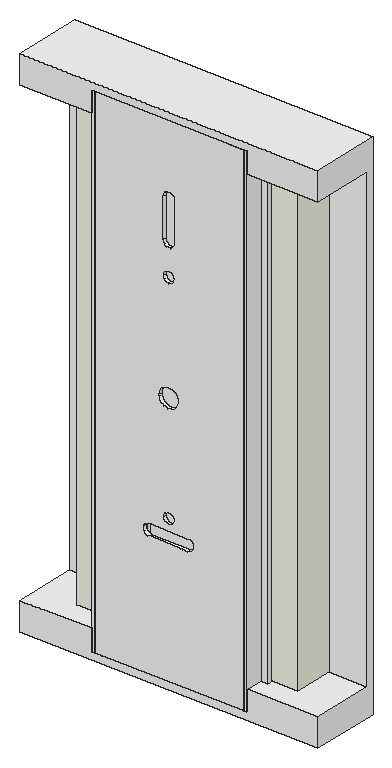
Revit family "STH21740BR_27_PTO_27_STH21740BR_30_PTO_30", category Luminárias, Revit 2023
Family settings
  Hospedeiro = Parede
  Cota do conector redondo = Utilizar diâmetro
  Tipo de parte = Normal
  Número OmniClass = 23.80.70.00
  Título OmniClass = Lighting
  Sempre na vertical = Sim
  Corte com vazios quando carregada = Não
  Fonte luminosa = Sim
  Manter orientação da anotação = Não
  Compartilhado = Não
  Ponto de cálculo do ambiente = Não
Parameters (values of type "STH21740BR/27 - BRANCO - BIVOLT - 2700K - 450lm")
  Ângulo de Abertura = "110°/110°"
  Wattage = 10.0982 W
  URL = "https://stella.com.br/"
  Troca de temperatura da cor de lâmpada com esmaecimento = <Nenhum>
  Tensão Elétrica = "100V-240V"
  built-in parameter 1150107 = 2700 (stored number, unit not read)
  Temperatura da cor (K) = 2700 K
  Tamanho do símbolo da fonte luminosa = 0.6096 m
  Referência = "STH21740BR/27"
  Profundidade = 0.027 m
  Potência = 6 W
  built-in parameter 1150110 = 1 (stored number, unit not read)
  built-in parameter 1150109 = 1 (stored number, unit not read)
  built-in parameter 1114218 = 1 (stored number, unit not read)
  built-in parameter 1150112 = 1 (stored number, unit not read)
  built-in parameter 1150113 = 1 (stored number, unit not read)
  built-in parameter 1150132 = 2
  built-in parameter 1150137 = (empty or 0)
  Modelo = "Reflex"
  built-in parameter 1150106 = 4.7746 (stored number, unit not read)
  built-in parameter 1150102 = (empty or 0)
  built-in parameter 1150105 = 477.46 (stored number, unit not read)
  IRC (Índice de reprodução de cores) = ">80"
  Grau de proteção (IP) = "IP65"
  Fluxo Luminoso_STH21740_3000K = no
  Fluxo Luminoso_STH21740_2700K = yes
  Color Filter = 16777215
  built-in parameter 1114217 = 1 (stored number, unit not read)
  built-in parameter 1150139 = (empty or 0)
  Estrutura = Al Branco
  Luminoso = Luminoso - 2700K
  Largura = 0.115 m
  Fluxo Luminoso = 450 lm
  Fabricante = "Stella"
  Emitir do comprimento da linha = 0.6096 m
  Default Elevation = 0.00 m
  built-in parameter 1150104 = 13.8 (stored number, unit not read)
  Dimerização = "Não dimerizável"
  built-in parameter 1150115 = 1 (stored number, unit not read)
  built-in parameter 1150114 = 1 (stored number, unit not read)
  Lumens = 1500 lm
  built-in parameter 1150138 = (empty or 0)
  built-in parameter 1150134 = (empty or 0)
  Comprimento = 0.20 m
  built-in parameter 1150133 = 10 (stored number, unit not read)
Types (5, lengths in m): name | built-in parameter 1150107 | Temperatura da cor (K) | Referência | Fluxo Luminoso_STH21740_3000K | Fluxo Luminoso_STH21740_2700K | Estrutura | Luminoso | Fluxo Luminoso
  (no name) | 2700 (stored number, unit not read) | 2700 K | "STH21740BR/27" | no | yes | Al Branco | Luminoso - 2700K | 450 lm
  STH21740BR/27 - BRANCO - BIVOLT - 2700K - 450lm | 2700 (stored number, unit not read) | 2700 K | "STH21740BR/27" | no | yes | Al Branco | Luminoso - 2700K | 450 lm
  STH21740BR/30 - BRANCO - BIVOLT - 3000K - 500lm | 3000 (stored number, unit not read) | 3000 K | "STH21740BR/30" | yes | no | Al Branco | Luminoso - 3000K | 500 lm
  STH21740PTO/27 - PRETO - BIVOLT - 2700K - 350lm | 2700 (stored number, unit not read) | 2700 K | "STH21740PTO/27" | no | yes | Al - Preto | Luminoso - 2700K | 350 lm
  STH21740PTO/30 - PRETO - BIVOLT - 3000K - 400lm | 3000 (stored number, unit not read) | 3000 K | "STH21740PTO/30" | yes | no | Al - Preto | Luminoso - 3000K | 400 lm
Reference planes (m)
  plane 1: y = 0
  plane 2 "Eixo de origem da luz (F/T)": y = 0.012631
  plane 3 "Eixo de origem da luz (E/D)": x = -0.036356
  plane 4 "Elevação da origem da luz": z = 1
  plane 5: x = -0.093856
  plane 6: x = 0.021144
  plane 7: y = 0.027
  plane 8: z = 0.9
  plane 9: z = 1.1
Forms (m)
  Extrusion 1, solid, material "Al Branco" <- "Estrutura"
    sketch origin (0, 0, 1) x (0, 1, 0) y (-1, 0, 0)
      loop
        line (0.0012, 0.065156) -> (0, 0.065156) -> (0, 0.007556) -> (0.0012, 0.007556) -> (0.0012, 0.008556) -> (0.0075, 0.008556) -> (0.0108, 0.00993) -> (0.0115, 0.008556) -> (0.013612, 0.009679) -> (0.013142, 0.010562) -> (0.012176, 0.010048) -> (0.010989, 0.011235) -> (0.007858, 0.00993) -> (0.00705, 0.00993) -> (0.0012, 0.012696) -> (0.0012, 0.060015) -> (0.00705, 0.062781) -> (0.007858, 0.062781) -> (0.010989, 0.061476) -> (0.012176, 0.062663) -> (0.013142, 0.062149) -> (0.013612, 0.063032) -> (0.0115, 0.064156) -> (0.0108, 0.062781) -> (0.0075, 0.064156) -> (0.0012, 0.064156) -> (0.0012, 0.065156)
      loop
        line (0.0012, 0.060652) -> (0.005513, 0.062781) -> (0.0012, 0.062781) -> (0.0012, 0.060652)
      loop
        line (0.0012, 0.01206) -> (0.0012, 0.00993) -> (0.005513, 0.00993) -> (0.0012, 0.01206)
    from -0.0972 to 0.09715
  Extrusion 2, solid, material "Al Branco" <- "Estrutura"
    sketch origin (0, 0, 1) x (0, 1, 0) y (-1, 0, 0)
      loop
        line (0.0238, 0.093856) -> (0.0238, -0.021144) -> (0.0263, -0.021144) -> (0.0263, 0.093856) -> (0.0238, 0.093856)
    from -0.1 to 0.1
  Extrusion 3, solid, material "Luminoso - 2700K" <- "Luminoso"
    sketch origin (0, 0, 1) x (0, 1, 0) y (-1, 0, 0)
      loop
        line (0.0088, -0.006144) -> (0.0238, -0.006144) -> (0.0238, 0.006356) -> (0.0088, 0.006356) -> (0.0088, -0.006144)
      loop
        line (0.0231, 0.005656) -> (0.0095, 0.005656) -> (0.0095, -0.005444) -> (0.0231, -0.005444) -> (0.0231, 0.005656)
    from -0.0892 to 0.089192
  Extrusion 4, solid, material "Luminoso - 2700K" <- "Luminoso"
    sketch origin (-0.072711, 0, 1) x (0, -1, 0) y (1, 0, 0)
      loop
        line (-0.0088, -0.006144) -> (-0.0088, 0.006356) -> (-0.0238, 0.006356) -> (-0.0238, -0.006144) -> (-0.0088, -0.006144)
      loop
        line (-0.0231, 0.005656) -> (-0.0231, -0.005444) -> (-0.0095, -0.005444) -> (-0.0095, 0.005656) -> (-0.0231, 0.005656)
    from -0.0892 to 0.089192
  Extrusion 5, solid, material "Al Branco" <- "Estrutura"
    sketch origin (-0.036356, 0, 0) x (0, -1, 0) y (0, 0, 1)
      loop
        line (-0.0263, 1.1) -> (-0.0263, 1.089192) -> (0, 1.089192) -> (0, 1.1) -> (-0.0263, 1.1)
    from -0.0575 to 0.0575
  Extrusion 6, solid, material "Al Branco" <- "Estrutura"
    sketch origin (0, 0, 1) x (0, 1, 0) y (-1, 0, 0)
      loop
        line (0.008, 0.006356) -> (0.0238, 0.006356) -> (0.0238, 0.008556) -> (0.0193, 0.008556) -> (0.0193, 0.013556) -> (0.0183, 0.013556) -> (0.0183, 0.008556) -> (0.0115, 0.008556) -> (0.0108, 0.00993) -> (0.0075, 0.008556) -> (0.0012, 0.008556) -> (0.0012, 0.007556) -> (0, 0.007556) -> (0, 0.006356) -> (0.0067, 0.006356) -> (0.0067, 0.003556) -> (0.008, 0.003556) -> (0.008, 0.004356) -> (0.0088, 0.004356) -> (0.0088, 0.005356) -> (0.008, 0.005356) -> (0.008, 0.006356)
      loop
        line (0.008, 0.066356) -> (0.008, 0.067356) -> (0.0088, 0.067356) -> (0.0088, 0.068356) -> (0.008, 0.068356) -> (0.008, 0.069156) -> (0.0067, 0.069156) -> (0.0067, 0.066356) -> (0, 0.066356) -> (0, 0.065156) -> (0.0012, 0.065156) -> (0.0012, 0.064156) -> (0.0075, 0.064156) -> (0.0108, 0.062781) -> (0.0115, 0.064156) -> (0.0183, 0.064156) -> (0.0183, 0.059156) -> (0.0193, 0.059156) -> (0.0193, 0.064156) -> (0.0238, 0.064156) -> (0.0238, 0.066356) -> (0.008, 0.066356)
    from -0.0972 to 0.09715
  Extrusion 7, void
    sketch origin (0, 0, 1) x (0, 1, 0) y (-1, 0, 0)
      loop
        line (0, 0.066356) -> (0, 0.006356) -> (0.013612, 0.006356) -> (0.013612, 0.066356) -> (0, 0.066356)
    from 0.089192 to 0.09715
  Extrusion 8, solid, material "Al Branco" <- "Estrutura"
    sketch origin (-0.036356, 0, 2) x (0, -1, 0) y (0, 0, 1)
      loop
        line (-0.0263, -1.1) -> (0, -1.1) -> (0, -1.0892) -> (-0.0263, -1.0892) -> (-0.0263, -1.1)
    from -0.0575 to 0.0575
  Extrusion 9, void
    sketch origin (0, 0, 1) x (0, 1, 0) y (-1, 0, 0)
      loop
        line (0, 0.066356) -> (0, 0.006356) -> (0.013612, 0.006356) -> (0.013612, 0.066356) -> (0, 0.066356)
    from -0.0972 to -0.0892
  Extrusion 10, void
    sketch origin (0, 0, 1) x (0, 1, 0) y (-1, 0, 0)
      loop
        line (0.008, 0.006356) -> (0.0243, 0.006356) -> (0.0243, 0.008556) -> (0.0193, 0.008556) -> (0.0193, 0.013556) -> (0.0183, 0.013556) -> (0.0183, 0.008556) -> (0.0115, 0.008556) -> (0.0108, 0.00993) -> (0.0075, 0.008556) -> (0.0012, 0.008556) -> (0.0012, 0.007556) -> (0, 0.007556) -> (0, 0.006356) -> (0.0067, 0.006356) -> (0.0067, 0.003556) -> (0.008, 0.003556) -> (0.008, 0.004356) -> (0.0088, 0.004356) -> (0.0088, 0.005356) -> (0.008, 0.005356) -> (0.008, 0.006356)
      loop
        line (0.008, 0.066356) -> (0.008, 0.067356) -> (0.0088, 0.067356) -> (0.0088, 0.068356) -> (0.008, 0.068356) -> (0.008, 0.069156) -> (0.0067, 0.069156) -> (0.0067, 0.066356) -> (0, 0.066356) -> (0, 0.065156) -> (0.0012, 0.065156) -> (0.0012, 0.064156) -> (0.0075, 0.064156) -> (0.0108, 0.062781) -> (0.0115, 0.064156) -> (0.0183, 0.064156) -> (0.0183, 0.059156) -> (0.0193, 0.059156) -> (0.0193, 0.064156) -> (0.0243, 0.064156) -> (0.0243, 0.066356) -> (0.008, 0.066356)
    from 0.089192 to 0.09715
  Extrusion 11, void
    sketch origin (0, 0, 1) x (0, 1, 0) y (-1, 0, 0)
      loop
        line (0.008, 0.006356) -> (0.0243, 0.006356) -> (0.0243, 0.008556) -> (0.0193, 0.008556) -> (0.0193, 0.013556) -> (0.0183, 0.013556) -> (0.0183, 0.008556) -> (0.0115, 0.008556) -> (0.0108, 0.00993) -> (0.0075, 0.008556) -> (0.0012, 0.008556) -> (0.0012, 0.007556) -> (0, 0.007556) -> (0, 0.006356) -> (0.0067, 0.006356) -> (0.0067, 0.003556) -> (0.008, 0.003556) -> (0.008, 0.004356) -> (0.0088, 0.004356) -> (0.0088, 0.005356) -> (0.008, 0.005356) -> (0.008, 0.006356)
      loop
        line (0.008, 0.066356) -> (0.008, 0.067356) -> (0.0088, 0.067356) -> (0.0088, 0.068356) -> (0.008, 0.068356) -> (0.008, 0.069156) -> (0.0067, 0.069156) -> (0.0067, 0.066356) -> (0, 0.066356) -> (0, 0.065156) -> (0.0012, 0.065156) -> (0.0012, 0.064156) -> (0.0075, 0.064156) -> (0.0108, 0.062781) -> (0.0115, 0.064156) -> (0.0183, 0.064156) -> (0.0183, 0.059156) -> (0.0193, 0.059156) -> (0.0193, 0.064156) -> (0.0243, 0.064156) -> (0.0243, 0.066356) -> (0.008, 0.066356)
    from -0.0972 to -0.0892
  Extrusion 12, void
    sketch origin (0, 0.012631, 0) x (1, 0, 0) y (0, 0, 1)
      loop
        line (-0.034206, 1.4652) -> (-0.034206, 1.4802)
        arc (-0.034206, 1.4802) -> (-0.036456, 1.48245) -> (-0.038706, 1.4802) r 0.00225
        line (-0.038706, 1.4802) -> (-0.038706, 1.4652)
        arc (-0.038706, 1.4652) -> (-0.036456, 1.46295) -> (-0.034206, 1.4652) r 0.00225
      loop
        arc (-0.043956, 0.95505) -> (-0.046206, 0.9528) -> (-0.043956, 0.95055) r 0.00225
        line (-0.043956, 0.95055) -> (-0.028956, 0.95055)
        arc (-0.028956, 0.95055) -> (-0.026706, 0.9528) -> (-0.028956, 0.95505) r 0.00225
        line (-0.028956, 0.95505) -> (-0.043956, 0.95505)
      loop
        circle (-0.036432, 1.000977) r 0.003752
      loop
        circle (-0.036418, 1.042744) r 0.002101
      loop
        circle (-0.036339, 0.959258) r 0.002101
      loop
        arc (-0.038606, 1.0552) -> (-0.036356, 1.05295) -> (-0.034106, 1.0552) r 0.00225
        line (-0.034106, 1.0552) -> (-0.034106, 1.0702)
        arc (-0.034106, 1.0702) -> (-0.036356, 1.07245) -> (-0.038606, 1.0702) r 0.00225
        line (-0.038606, 1.0702) -> (-0.038606, 1.0552)
    from 0.011431 to 0.012631
Cuts and joins
  Extrusion 9, Extrusion 10, Extrusion 11 cuts Extrusion 2
  Extrusion 7, Extrusion 9, Extrusion 10, Extrusion 11 cuts Extrusion 5
  Extrusion 9, Extrusion 10, Extrusion 11 cuts Extrusion 8
  joined: Extrusion 2, Extrusion 5, Extrusion 8
  Extrusion 11, Extrusion 12 cuts Extrusion 1
  Extrusion 10 cuts Extrusion 3
  Extrusion 10 cuts Extrusion 4
  Extrusion 12 cuts Extrusion 6
Text (m)
  text "Lado da colocação" at (0, 1.019848, 2.973606), in view "Direita"
  text "Lado da colocação" at (-0.613675, 0.577841, 0), in view "Nível de referência"
  text "Lado da colocação" at (0, 1.206291, 3.020473), in view "Esquerda"
Dimensions and locks (m)
  "Largura": plane 5 to plane 6
  "Profundidade": plane 7 to plane 1
  "Comprimento": plane 8 to plane 9
Automatic sketch dimensions
  Extrusion 1 sketch curve to host wall = 0.00 m
  host wall to Extrusion 1 sketch curve = 0.0012 m  (x5)
  Extrusion 1 sketch curve to Extrusion 1 sketch curve = 0.004313 m  (x2)
  Extrusion 1 sketch curve to Extrusion 1 sketch curve = 0.001537 m  (x2)
  Extrusion 1 sketch curve to Extrusion 1 sketch curve = 0.00045 m  (x2)
  Extrusion 1 sketch curve to Extrusion 1 sketch curve = 0.000808 m  (x2)
  plane 2 "Eixo de origem da luz (F/T)" to Extrusion 1 sketch curve = 0.001831 m  (x2)
  Extrusion 1 sketch curve to Extrusion 1 sketch curve = 0.000189 m  (x2)
  plane 2 "Eixo de origem da luz (F/T)" to Extrusion 1 sketch curve = 0.001131 m  (x2)
  plane 2 "Eixo de origem da luz (F/T)" to Extrusion 1 sketch curve = 0.000455 m  (x2)
  Extrusion 1 sketch curve to plane 2 "Eixo de origem da luz (F/T)" = 0.000511 m  (x2)
  Extrusion 1 sketch curve to plane 2 "Eixo de origem da luz (F/T)" = 0.000981 m  (x2)
  Extrusion 1 sketch curve to plane 6 = 0.0287 m
  Extrusion 1 sketch curve to Extrusion 1 sketch curve = 0.001 m  (x2)
  Extrusion 1 sketch curve to Extrusion 1 sketch curve = 0.00 m  (x2)
  Extrusion 1 sketch curve to Extrusion 1 sketch curve = 0.001124 m
  Extrusion 1 sketch curve to Extrusion 1 sketch curve = 0.001375 m  (x3)
  Extrusion 1 sketch curve to Extrusion 1 sketch curve = 0.000118 m
  Extrusion 1 sketch curve to Extrusion 1 sketch curve = 0.001305 m  (x3)
  Extrusion 1 sketch curve to Extrusion 1 sketch curve = 0.002129 m
  Extrusion 1 sketch curve to Extrusion 1 sketch curve = 0.000637 m  (x2)
  plane 3 "Eixo de origem da luz (E/D)" to Extrusion 1 sketch curve = 0.023659 m
  Extrusion 1 sketch curve to Extrusion 1 sketch curve = 0.000825 m
  Extrusion 1 sketch curve to Extrusion 1 sketch curve = 0.000673 m
  Extrusion 1 sketch curve to Extrusion 1 sketch curve = 0.000514 m
  Extrusion 2 sketch curve to plane 6 = 0.00 m
  Extrusion 2 sketch curve to plane 5 = 0.00 m
  Extrusion 2 sketch curve to plane 7 = 0.0032 m
  Extrusion 2 sketch curve to plane 7 = 0.0007 m
  plane 2 "Eixo de origem da luz (F/T)" to Extrusion 3 sketch curve = 0.003831 m
  Extrusion 3 sketch curve to Extrusion 3 sketch curve = 0.0007 m  (x4)
  Extrusion 3 sketch curve to plane 7 = 0.0039 m
  Extrusion 3 sketch curve to plane 6 = 0.015 m
  Extrusion 3 sketch curve to Extrusion 3 sketch curve = 0.0111 m
  Extrusion 4 sketch curve to plane 7 = 0.0032 m
  Extrusion 4 sketch curve to Extrusion 4 sketch curve = 0.0007 m  (x4)
  plane 2 "Eixo de origem da luz (F/T)" to Extrusion 4 sketch curve = 0.003131 m
  plane 5 to Extrusion 4 sketch curve = 0.015 m
  Extrusion 4 sketch curve to Extrusion 4 sketch curve = 0.0111 m
  Extrusion 5 sketch curve to host wall = 0.00 m
  Extrusion 5 sketch curve to plane 7 = 0.0007 m
  Extrusion 6 sketch curve to host wall = 0.00 m  (x2)
  Extrusion 6 sketch curve to Extrusion 6 sketch curve = 0.0012 m  (x3)
  host wall to Extrusion 6 sketch curve = 0.0012 m
  Extrusion 6 sketch curve to Extrusion 6 sketch curve = 0.0055 m  (x2)
  Extrusion 6 sketch curve to Extrusion 6 sketch curve = 0.0008 m  (x6)
  Extrusion 6 sketch curve to Extrusion 6 sketch curve = 0.0013 m  (x3)
  Extrusion 6 sketch curve to Extrusion 6 sketch curve = 0.00 m  (x3)
  plane 2 "Eixo de origem da luz (F/T)" to Extrusion 6 sketch curve = 0.001831 m  (x2)
  plane 2 "Eixo de origem da luz (F/T)" to Extrusion 6 sketch curve = 0.001131 m  (x2)
  Extrusion 6 sketch curve to plane 2 "Eixo de origem da luz (F/T)" = 0.005669 m  (x2)
  Extrusion 6 sketch curve to Extrusion 6 sketch curve = 0.001 m  (x8)
  Extrusion 6 sketch curve to plane 7 = 0.0032 m  (x2)
  Extrusion 6 sketch curve to plane 6 = 0.0247 m
  Extrusion 6 sketch curve to Extrusion 6 sketch curve = 0.0022 m  (x3)
  Extrusion 6 sketch curve to Extrusion 6 sketch curve = 0.001375 m  (x2)
  Extrusion 6 sketch curve to Extrusion 6 sketch curve = 0.005 m  (x2)
  plane 3 "Eixo de origem da luz (E/D)" to Extrusion 6 sketch curve = 0.0228 m
  Extrusion 6 sketch curve to Extrusion 6 sketch curve = 0.003625 m
  Extrusion 7 sketch curve to host wall = 0.00 m
  Extrusion 7 sketch curve to plane 2 "Eixo de origem da luz (F/T)" = 0.000981 m
  Extrusion 7 sketch curve to plane 6 = 0.0275 m
  plane 5 to Extrusion 7 sketch curve = 0.0275 m
  plane 8 to Extrusion 8 sketch curve = 0.00 m
  Extrusion 8 sketch curve to host wall = 0.00 m
  Extrusion 8 sketch curve to plane 7 = 0.0007 m
  Extrusion 8 sketch curve to plane 8 = 0.0108 m
  Extrusion 9 sketch curve to host wall = 0.00 m
  Extrusion 9 sketch curve to plane 2 "Eixo de origem da luz (F/T)" = 0.000981 m
  Extrusion 9 sketch curve to plane 6 = 0.0275 m
  plane 5 to Extrusion 9 sketch curve = 0.0275 m
  Extrusion 10 sketch curve to host wall = 0.00 m  (x2)
  Extrusion 10 sketch curve to Extrusion 10 sketch curve = 0.0012 m  (x3)
  host wall to Extrusion 10 sketch curve = 0.0012 m
  Extrusion 10 sketch curve to Extrusion 10 sketch curve = 0.0055 m  (x2)
  Extrusion 10 sketch curve to Extrusion 10 sketch curve = 0.0008 m  (x6)
  Extrusion 10 sketch curve to Extrusion 10 sketch curve = 0.0013 m  (x3)
  Extrusion 10 sketch curve to Extrusion 10 sketch curve = 0.00 m  (x3)
  plane 2 "Eixo de origem da luz (F/T)" to Extrusion 10 sketch curve = 0.001831 m  (x2)
  plane 2 "Eixo de origem da luz (F/T)" to Extrusion 10 sketch curve = 0.001131 m  (x2)
  Extrusion 10 sketch curve to plane 2 "Eixo de origem da luz (F/T)" = 0.005669 m  (x2)
  Extrusion 10 sketch curve to Extrusion 10 sketch curve = 0.001 m  (x8)
  Extrusion 10 sketch curve to plane 7 = 0.0027 m  (x2)
  Extrusion 10 sketch curve to plane 6 = 0.0247 m
  Extrusion 10 sketch curve to Extrusion 10 sketch curve = 0.0022 m  (x3)
  Extrusion 10 sketch curve to Extrusion 10 sketch curve = 0.001375 m  (x2)
  Extrusion 10 sketch curve to Extrusion 10 sketch curve = 0.005 m  (x2)
  plane 3 "Eixo de origem da luz (E/D)" to Extrusion 10 sketch curve = 0.0228 m
  Extrusion 10 sketch curve to Extrusion 10 sketch curve = 0.003625 m
  Extrusion 11 sketch curve to host wall = 0.00 m  (x2)
  Extrusion 11 sketch curve to Extrusion 11 sketch curve = 0.0012 m  (x3)
  host wall to Extrusion 11 sketch curve = 0.0012 m
  Extrusion 11 sketch curve to Extrusion 11 sketch curve = 0.0055 m  (x2)
  Extrusion 11 sketch curve to Extrusion 11 sketch curve = 0.0008 m  (x6)
  Extrusion 11 sketch curve to Extrusion 11 sketch curve = 0.0013 m  (x3)
  Extrusion 11 sketch curve to Extrusion 11 sketch curve = 0.00 m  (x3)
  plane 2 "Eixo de origem da luz (F/T)" to Extrusion 11 sketch curve = 0.001831 m  (x2)
  plane 2 "Eixo de origem da luz (F/T)" to Extrusion 11 sketch curve = 0.001131 m  (x2)
  Extrusion 11 sketch curve to plane 2 "Eixo de origem da luz (F/T)" = 0.005669 m  (x2)
  Extrusion 11 sketch curve to Extrusion 11 sketch curve = 0.001 m  (x8)
  Extrusion 11 sketch curve to plane 7 = 0.0027 m  (x2)
  plane 5 to Extrusion 11 sketch curve = 0.0903 m
  Extrusion 11 sketch curve to Extrusion 11 sketch curve = 0.0022 m  (x3)
  Extrusion 11 sketch curve to Extrusion 11 sketch curve = 0.001375 m  (x2)
  Extrusion 11 sketch curve to Extrusion 11 sketch curve = 0.005 m  (x2)
  Extrusion 11 sketch curve to Extrusion 11 sketch curve = 0.0456 m
  Extrusion 11 sketch curve to Extrusion 11 sketch curve = 0.003625 m
  Extrusion 5 sketch curve to plane 4 "Elevação da origem da luz" = 0.089192 m
  Extrusion 5 sketch curve to Extrusion 5 sketch curve = 0.010808 m
  plane 3 "Eixo de origem da luz (E/D)" to Extrusion 12 sketch curve = 0.0076 m
  plane 3 "Eixo de origem da luz (E/D)" to Extrusion 12 sketch curve = 0.00235 m
  plane 3 "Eixo de origem da luz (E/D)" to Extrusion 12 sketch curve = 0.00225 m
  plane 3 "Eixo de origem da luz (E/D)" to Extrusion 12 sketch curve = 0.0001 m
  plane 3 "Eixo de origem da luz (E/D)" to Extrusion 12 sketch curve = 0.000076 m
  plane 3 "Eixo de origem da luz (E/D)" to Extrusion 12 sketch curve = 0.000062 m
  plane 3 "Eixo de origem da luz (E/D)" to Extrusion 12 sketch curve = 0.00 m
  Extrusion 12 sketch curve to plane 3 "Eixo de origem da luz (E/D)" = 0.000016 m
  Extrusion 12 sketch curve to plane 3 "Eixo de origem da luz (E/D)" = 0.0074 m
  plane 4 "Elevação da origem da luz" to Extrusion 12 sketch curve = 0.04945 m
  Extrusion 12 sketch curve to Extrusion 12 sketch curve = 0.00225 m
  Extrusion 12 sketch curve to Extrusion 12 sketch curve = 0.004208 m
  Extrusion 12 sketch curve to plane 4 "Elevação da origem da luz" = 0.000977 m
  Extrusion 12 sketch curve to Extrusion 12 sketch curve = 0.041768 m
  Extrusion 12 sketch curve to Extrusion 12 sketch curve = 0.012456 m
  Extrusion 12 sketch curve to Extrusion 12 sketch curve = 0.015 m  (x2)
  plane 9 to Extrusion 12 sketch curve = 0.3652 m
  radius of Extrusion 12 sketch curve = 0.003752 m
  radius of Extrusion 12 sketch curve = 0.002101 m  (x2)
Nested families (m)
  nested 1: "Fluxo Luminoso_Reflex STHSTH21740_2700K" at (-0.079356, 0.0005, 0.901595) x (-1, 0, 0) z (0, 0, 1), visible <- "Fluxo Luminoso_STH21740_2700K", type "Fluxo Luminoso_Reflex STHSTH21740_2700K"
  nested 2: "Fluxo Luminoso_Reflex STHSTH21740_3000K" at (-0.079356, 0.0005, 0.901595) x (-1, 0, 0) z (0, 0, 1), visible <- "Fluxo Luminoso_STH21740_3000K", type "Fluxo Luminoso_Reflex STHSTH21740_3000K"
Connectors (m)
  electrical at (-0.036356, 0.012631, 1)
    settings: index 1, voltage 0 V, apparent load 0 VA, apparent load phase1 0 VA, apparent load phase2 0 VA, apparent load phase3 0 VA, power factor 1, load classification "Outro", number of poles 1, system type 31, power factor state 1, is connector primary yes, connector utility no, sub classification motor no, connector description ""
Definition of nested family "Fluxo Luminoso_Reflex STHSTH21740_2700K"
  Parameters (values of type "Fluxo Luminoso_Reflex STHSTH21740_2700K")
    Wattage = 10.0982 W
    Light Source Symbol Size = 0.6096 m
    built-in parameter 1150110 = 1 (stored number, unit not read)
    Largura = 0.115 m
    built-in parameter 1114217 = 1 (stored number, unit not read)
    built-in parameter 1150109 = 1 (stored number, unit not read)
    Emit from Line Length = 0.6096 m
    Default Elevation = 0.00 m
    built-in parameter 1150134 = (empty or 0)
    built-in parameter 1150113 = 1 (stored number, unit not read)
    Lumens = 1500 lm
    built-in parameter 1150115 = 1 (stored number, unit not read)
    built-in parameter 1150105 = 477.46 (stored number, unit not read)
    built-in parameter 1150137 = (empty or 0)
    built-in parameter 1150139 = (empty or 0)
    built-in parameter 1150112 = 1 (stored number, unit not read)
    built-in parameter 1150114 = 1 (stored number, unit not read)
    built-in parameter 1150132 = 2
    built-in parameter 1150102 = (empty or 0)
    built-in parameter 1150138 = (empty or 0)
    built-in parameter 1150107 = 2700 (stored number, unit not read)
    built-in parameter 1150106 = 4.7746 (stored number, unit not read)
    built-in parameter 1150104 = 13.8 (stored number, unit not read)
    Dimming Lamp Color Temperature Shift = (empty or 0)
    Color Filter = 16777215
    built-in parameter 1114218 = 1 (stored number, unit not read)
    Comprimento = 0.20 m
    built-in parameter 1150133 = 10 (stored number, unit not read)
  Reference planes (m)
    plane 1 "Plano de inclinação (F/T)": y = 0
    plane 2: z = 0
    plane 3 "Eixo de origem da luz (E/D)": x = 0
    plane 4 "Elevação da origem da luz": z = 0.2
    plane 5: y = 0.0575
    plane 6: y = -0.0575
  Text (m)
    text "Ângulo de inclinação de 0 graus" at (0.809978, -4.572, 1.586413), in view "Parte frontal"
    text "90" at (-0.194597, -4.572, 2.488248), in view "Parte frontal"
    text "180" at (-1.13068, -4.572, 1.586413), in view "Parte frontal"
    text "270" at (-0.320169, -4.572, 0.456265), in view "Parte frontal"
    text "Ângulo de inclinação de 0 graus" at (1.952354, 4.572, 1.54298), in view "Parte posterior"
    text "180" at (-0.876627, 4.572, 1.524796), in view "Parte posterior"
    text "90" at (0.296375, 4.572, 2.698908), in view "Parte posterior"
    text "270" at (0.421947, 4.572, 0.666926), in view "Parte posterior"
  Dimensions and locks (m)
    "Largura": plane 5 to plane 6
    "Comprimento": plane 4 "Elevação da origem da luz" to level
    aligned and locked: level to plane 2
Definition of nested family "Fluxo Luminoso_Reflex STHSTH21740_3000K"
  Parameters (values of type "Fluxo Luminoso_Reflex STHSTH21740_3000K")
    Wattage = 10.0982 W
    Light Source Symbol Size = 0.6096 m
    built-in parameter 1150110 = 1 (stored number, unit not read)
    Largura = 0.115 m
    built-in parameter 1114217 = 1 (stored number, unit not read)
    built-in parameter 1150109 = 1 (stored number, unit not read)
    Emit from Line Length = 0.6096 m
    Default Elevation = 0.00 m
    built-in parameter 1150134 = (empty or 0)
    built-in parameter 1150113 = 1 (stored number, unit not read)
    Lumens = 1500 lm
    built-in parameter 1150115 = 1 (stored number, unit not read)
    built-in parameter 1150105 = 477.46 (stored number, unit not read)
    built-in parameter 1150137 = (empty or 0)
    built-in parameter 1150139 = (empty or 0)
    built-in parameter 1150112 = 1 (stored number, unit not read)
    built-in parameter 1150114 = 1 (stored number, unit not read)
    built-in parameter 1150132 = 2
    built-in parameter 1150102 = (empty or 0)
    built-in parameter 1150138 = (empty or 0)
    built-in parameter 1150107 = 3000 (stored number, unit not read)
    built-in parameter 1150106 = 4.7746 (stored number, unit not read)
    built-in parameter 1150104 = 13.8 (stored number, unit not read)
    Dimming Lamp Color Temperature Shift = (empty or 0)
    Color Filter = 16777215
    built-in parameter 1114218 = 1 (stored number, unit not read)
    Comprimento = 0.20 m
    built-in parameter 1150133 = 10 (stored number, unit not read)
  Reference planes (m)
    plane 1 "Plano de inclinação (F/T)": y = 0
    plane 2: z = 0
    plane 3 "Eixo de origem da luz (E/D)": x = 0
    plane 4 "Elevação da origem da luz": z = 0.2
    plane 5: y = 0.0575
    plane 6: y = -0.0575
  Text (m)
    text "Ângulo de inclinação de 0 graus" at (0.809978, -4.572, 1.586413), in view "Parte frontal"
    text "90" at (-0.194597, -4.572, 2.488248), in view "Parte frontal"
    text "180" at (-1.13068, -4.572, 1.586413), in view "Parte frontal"
    text "270" at (-0.320169, -4.572, 0.456265), in view "Parte frontal"
    text "Ângulo de inclinação de 0 graus" at (1.952354, 4.572, 1.54298), in view "Parte posterior"
    text "180" at (-0.876627, 4.572, 1.524796), in view "Parte posterior"
    text "90" at (0.296375, 4.572, 2.698908), in view "Parte posterior"
    text "270" at (0.421947, 4.572, 0.666926), in view "Parte posterior"
  Dimensions and locks (m)
    "Largura": plane 5 to plane 6
    "Comprimento": plane 4 "Elevação da origem da luz" to level
    aligned and locked: level to plane 2
